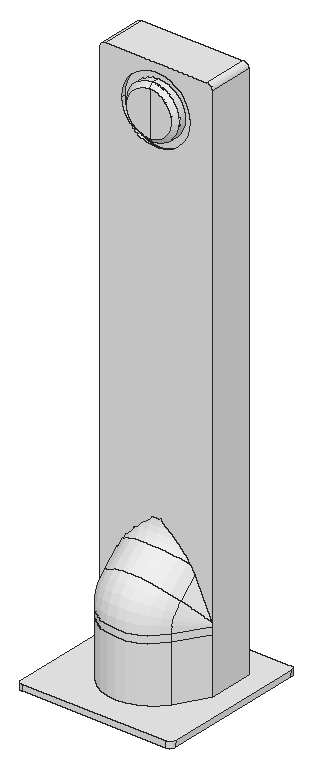
Revit family "CL10024-C5A_CLARK ROUND SQUARE BASIN BATH OUTLET 180MM", category Plumbing Fixtures, host Face, Revit 2015
Parameters (values of type "CLARK ROUND SQUARE BASIN BATH OUTLET 180MM - Chrome")
  Waste Connection = no
  WELSRating_ANZRS = "5 Star"
  Vent Connection = no
  URL = "https://www.clark.com.au/"
  Model = "CL10024.C5A"
  Material_Base = GWA_Metal-Chrome
  Manufacturer = "GWA Bathrooms & Kitchens"  # constant formula
  HW Connection = yes
  Description = "CLARK ROUND SQUARE BASIN BATH OUTLET 180MM"
  Default Elevation = 900 mm
  CreatedBy_ANZRS = "GWA Bathrooms & Kitchens"  # constant formula
  CW Connection = no
  Assembly Code = "C1030220"
Types (3, lengths in mm): name | Model | Material_Base
  (no name) | "CL10024.C5A" | GWA_Metal-Chrome
  CLARK ROUND SQUARE BASIN BATH OUTLET 180MM - Chrome | "CL10024.C5A" | GWA_Metal-Chrome
  CLARK ROUND SQUARE BASIN BATH OUTLET 180MM - Black | "CL10024.B5A" | GWA-Metal-Black
Reference planes
  plane 1 "Center (Front/Back)": y = 0
  plane 2: z = 0
  plane 3 "Center (Left/Right)": x = 0
Forms (mm)
  Extrusion 1, solid, material "GWA_Metal-Chrome" <- "Material_Base"
    sketch origin (0, 0, 0) x (1, 0, 0) y (0, 1, 0)
      loop
        arc (-25.5, 27.5) -> (-26.914, 26.914) -> (-27.5, 25.5) r 2
        line (-27.5, 25.5) -> (-27.5, -25.5)
        arc (-27.5, -25.5) -> (-26.914, -26.914) -> (-25.5, -27.5) r 2
        line (-25.5, -27.5) -> (25.5, -27.5)
        arc (25.5, -27.5) -> (26.914, -26.914) -> (27.5, -25.5) r 2
        line (27.5, -25.5) -> (27.5, 25.5)
        arc (27.5, 25.5) -> (26.914, 26.914) -> (25.5, 27.5) r 2
        line (25.5, 27.5) -> (-25.5, 27.5)
    from 0 to 2
  Extrusion 2, solid, material "GWA_Metal-Chrome" <- "Material_Base"
    sketch origin (0, 0, 0) x (1, 0, 0) y (0, 0, 1)
      loop
        line (20, 2) -> (20, 195)
        arc (20, 195) -> (19.414, 196.414) -> (18, 197) r 2
        line (18, 197) -> (-18, 197)
        arc (-18, 197) -> (-19.414, 196.414) -> (-20, 195) r 2
        line (-20, 195) -> (-20, 2) -> (20, 2)
    from -16 to 0
  Extrusion 3, void
    sketch origin (0, 0, 0) x (1, 0, 0) y (0, 0, 1)
      loop
        circle (0, 182) r 12.1
    from -1 to 16
  Revolve 4, solid, material "GWA_Metal-Chrome" <- "Material_Base"
    sketch origin (0, 0, 0) x (0, 1, 0) y (0, 0, 1)
      loop
        line (1, 182) -> (1, 191.45) -> (-1.5, 191.45) -> (-3, 189.95) -> (-3, 182) -> (1, 182)
      axis (-3, 182) -> (1, 182)
    angle from 0 to 360
  Extrusion 5, solid, material "GWA_Metal-Chrome" <- "Material_Base"
    sketch origin (0, 0, 0) x (1, 0, 0) y (0, 1, 0)
      loop
        arc (-13.637, -10.369) -> (0, -18) -> (13.637, -10.369) r 16
        line (13.637, -10.369) -> (20, 0) -> (-20, 0) -> (-13.637, -10.369)
    from 2 to 22
  Sweep 6, solid, material "GWA_Metal-Chrome" <- "Material_Base"
    path origin (0, 0, 0) x (0, 1, 0) y (0, 0, 1)
      loop
        line (0, 55.164) -> (0, 53.164)
        arc (0, 53.164) -> (-0.937, 48.937) -> (-3.573, 45.503) r 10
        line (-3.573, 45.503) -> (-11.211, 39.095)
        arc (-11.211, 39.095) -> (-16.219, 32.57) -> (-18, 24.539) r 19
        line (-18, 24.539) -> (-18, 22)
    profile origin (0, -18, 23.269) x (1, 0, 0) y (0, 1, 0)
      loop
        arc (-13.637, 7.631) -> (0, 0) -> (13.637, 7.631) r 16
        line (13.637, 7.631) -> (20, 18) -> (-20, 18) -> (-13.637, 7.631)
  Extrusion 7, void
    sketch origin (0, 0, 0) x (0, 1, 0) y (0, 0, 1)
      loop
        line (0.573, 2) -> (23.139, 2) -> (23.139, 64.448) -> (0.573, 64.448) -> (0.573, 2)
    from -24.142 to 22.998
Cuts and joins
  Extrusion 3 cuts Extrusion 2
  Extrusion 7 cuts Extrusion 1
  Extrusion 7 cuts Sweep 6
Lines and regions (mm)
  Masking region 1
    outline origin (0, 0, 0) x (0, 1, 0) y (0, 0, 1)
      loop
        line (16, 197) -> (0, 197) -> (0, 191.45) -> (-1.5, 191.45) -> (-3, 189.95) -> (-3, 174.05) -> (-1.5, 172.55) -> (0, 172.55) -> (0, 53.164)
        arc (0, 53.164) -> (-0.937, 48.937) -> (-3.573, 45.503) r 10
        line (-3.573, 45.503) -> (-11.211, 39.095)
        arc (-11.211, 39.095) -> (-16.219, 32.57) -> (-18, 24.539) r 19
        line (-18, 24.539) -> (-18, 2) -> (-27.5, 2) -> (-27.5, 0) -> (27.5, 0) -> (27.5, 2) -> (16, 2) -> (16, 197)
  Masking region 2
    outline origin (0, 0, 0) x (1, 0, 0) y (0, 0, 1)
      loop
        line (27.5, 0) -> (27.5, 2) -> (20, 2) -> (20, 195)
        arc (20, 195) -> (19.414, 196.414) -> (18, 197) r 2
        line (18, 197) -> (-18, 197)
        arc (-18, 197) -> (-19.414, 196.414) -> (-20, 195) r 2
        line (-20, 195) -> (-20, 2) -> (-27.5, 2) -> (-27.5, 0) -> (27.5, 0)
  Masking region 3
    outline origin (0, 0, 0) x (1, 0, 0) y (0, 1, 0)
      loop
        arc (-25.5, 27.5) -> (-26.914, 26.914) -> (-27.5, 25.5) r 2
        line (-27.5, 25.5) -> (-27.5, -25.5)
        arc (-27.5, -25.5) -> (-26.914, -26.914) -> (-25.5, -27.5) r 2
        line (-25.5, -27.5) -> (25.5, -27.5)
        arc (25.5, -27.5) -> (26.914, -26.914) -> (27.5, -25.5) r 2
        line (27.5, -25.5) -> (27.5, 25.5)
        arc (27.5, 25.5) -> (26.914, 26.914) -> (25.5, 27.5) r 2
        line (25.5, 27.5) -> (-25.5, 27.5)
  symbolic lines
    curve 1: line (0, -18, 2) -> (0, 16, 2)
    curve 2: line (0, 0, 53.164) -> (0, 0, 2)
    curve 3: line (0, 0, 191.45) -> (0, 0, 172.55)
    curve 4: line (0, -1.5, 191.45) -> (0, -1.5, 172.55)
    curve 5: line (20, 0, 2) -> (-20, 0, 2)
    curve 6: line (-20, 16, 0) -> (20, 16, 0)
    curve 7: line (20, 16, 0) -> (20, 0, 0)
    curve 8: line (20, 0, 0) -> (-20, 0, 0)
    curve 9: line (-20, 0, 0) -> (-20, 16, 0)
    curve 10: line (9.45, -1.5, 0) -> (9.45, 0, 0)
    curve 11: line (9.45, -1.5, 0) -> (7.95, -3, 0)
    curve 12: line (-9.45, -1.5, 0) -> (-7.95, -3, 0)
    curve 13: line (-7.95, -3, 0) -> (7.95, -3, 0)
    curve 14: line (-9.45, -1.5, 0) -> (9.45, -1.5, 0)
    curve 15: line (-20, 0, 0) -> (-13.637, -10.369, 0)
    curve 16: arc (-13.637, -10.369, 0) -> (0, -18, 0) -> (13.637, -10.369, 0) r 16
    curve 17: line (13.637, -10.369, 0) -> (20, 0, 0)
    curve 18: line (-9.45, -1.5, 0) -> (-9.45, 0, 0)
Dimensions and locks
  aligned and locked: plane 2 to host face
  aligned and locked: level to host face
Connectors
  piping at (0, 0, 0), diameter 20
    settings: index 1, connector inside diameter 609.6 mm, connector length 0 mm, flow factor 0, pipe flow 0.0 L/s, pressure drop 0.0 Pa, fitting loss kfactor 0, connector angle 0.00°, fixture units 0, engagement length 0 mm, angle of deflection 0.00°, flow configuration 3, flow direction 1, fitting loss method 0, system type 19, joint type 0, gender type 0, connector reference index -1, connector utility 0, adjustable connector no, is connector primary yes, connector description ""
